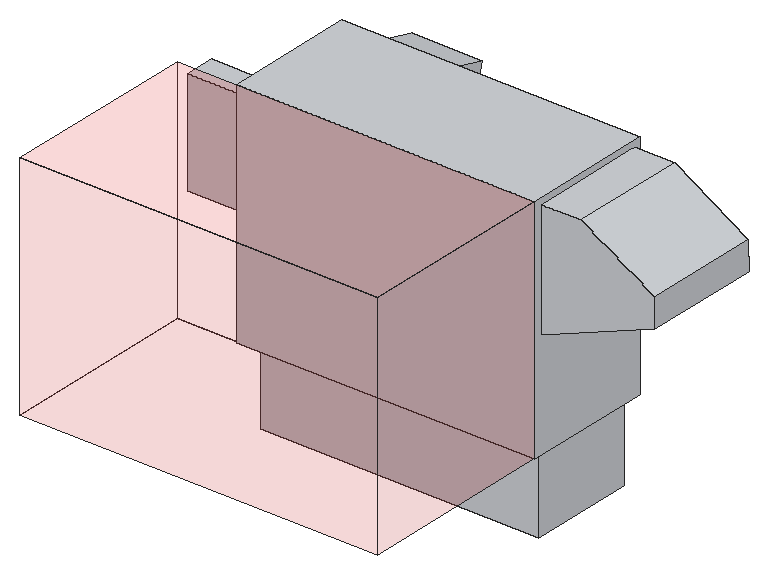
Revit family
Parameters (values of type "277 V Single Phase")
  Weight Scheduled [instance] = 250  # constant formula
  Voltage Workaround = Voltage / 1 V  # 277
  Voltage Scheduled = Voltage  # 277 V
  Voltage = 277 V
  VoltAmps Workaround [instance] = Voltage Workaround * Total FLA * sqrt(Phase)  # 2160.6
  VoltAmps [instance] = VoltAmps Workaround * 1 VA  # 2160.6 VA
  URL = "http://www.renewaire.com/_assets/files/SubmittalForms/HE1XRTSubmittal.pdf"
  Total FLA [instance] = if(or(Supply Motor BHP = 0, Exhaust Motor FLA = 0), 0, (Supply Motor FLA * Supply Motor Count) + (Exhaust Motor FLA * Exhaust Motor Count))  # 7.8
  Supply Motor RPM Scheduled [instance] = 0
  Supply Motor HP Scheduled [instance] = Supply Motor HP  # 0.75
  Supply Motor HP [instance] = 0.75  # constant formula
  Supply Motor FLA [instance] = if(Supply Motor BHP = 0, 0, if(and(Voltage = 115 V, Phase = 1), 9, if(and(or(Voltage = 208 V, Voltage = 230 V), Phase = 1), 4.5, if(and(Voltage = 277 V, Phase = 1), 3.9, if(and(or(Voltage = 208 V, Voltage = 230 V), Phase = 3), 2.3, if(and(Voltage = 460 V, Phase = 3), 1.15, 0))))))  # 3.9
  Supply Motor Count Scheduled [instance] = Supply Motor Count  # 1
  Supply Motor Count [instance] = 1  # constant formula
  Supply Motor BHP [instance] = if(and(or(Supply ESP = 0, Supply ESP > 0), Supply ESP < 0.5), if(and(Supply Motor HP = 0.75, Phase = 1), if(Supply CFM < 950 CFM, 2.185, 0), if(and(Supply Motor HP = 0.75, Phase = 3), if(Supply CFM < 950 CFM, 1.917, 0), 0)), if(and(or(Supply ESP = 0.5, Supply ESP > 0.5), Supply ESP < 1), if(and(Supply Motor HP = 0.75, Phase = 1), if(Supply CFM < 820 CFM, 1.978, 0), if(and(Supply Motor HP = 0.75, Phase = 3), if(Supply CFM < 820 CFM, 1.682, 0), 0)), if(and(or(Supply ESP = 1, Supply ESP > 1), Supply ESP < 1.25), if(and(Supply Motor HP = 0.75, Phase = 1), if(Supply CFM < 730 CFM, 1.857, 0), if(and(Supply Motor HP = 0.75, Phase = 3), if(Supply CFM < 730 CFM, 1.548, 0), 0)), if(and(or(Supply ESP = 1.25, Supply ESP > 1.25), Supply ESP < 1.45), if(and(Supply Motor HP = 0.75, Phase = 1), if(Supply CFM < 650 CFM, 1.743, 0), if(and(Supply Motor HP = 0.75, Phase = 3), if(Supply CFM < 650 CFM, 1.421, 0), 0)), if(and(or(Supply ESP = 1.45, Supply ESP > 1.45), Supply ESP < 1.75), if(and(Supply Motor HP = 0.75, Phase = 1), if(Supply CFM < 560 CFM, 1.636, 0), if(and(Supply Motor HP = 0.75, Phase = 3), if(Supply CFM < 560 CFM, 1.28, 0), 0)), if(Supply ESP = 1.75, if(and(Supply Motor HP = 0.75, Phase = 1), if(Supply CFM < 250 CFM, 1.448, 0), if(and(Supply Motor HP = 0.75, Phase = 3), if(Supply CFM < 250 CFM, 0.918, 0), 0)), 0))))))  # 2.185
  Supply ESP Scheduled [instance] = Supply ESP  # 0
  Supply ESP [instance] = 0
  Supply CFM Scheduled [instance] = Supply CFM  # 0 CFM
  Supply CFM [instance] = 0 CFM
  Supply Air Winter RH Scheduled [instance] = 0
  Supply Air Winter DB Scheduled [instance] = 0
  Supply Air Summer RH Scheduled [instance] = 0
  Supply Air Summer DB Scheduled [instance] = 0
  Phase Scheduled = Phase  # 1
  Phase = 1
  Outside Air Winter RH Scheduled [instance] = 0
  Outside Air Winter DB Scheduled [instance] = 0
  Outside Air Summer RH Scheduled [instance] = 0
  Outside Air Summer DB Scheduled [instance] = 0
  Number of Poles = 1
  Model = "HE1XRTV"
  Manufacturer = "RenewAire"
  MOCP Scheduled [instance] = MOCP  # 15
  MOCP [instance] = if(Total FLA = 0, 0, if(and(Voltage = 115 V, Phase = 1), 25, if(and(or(Voltage = 208 V, Voltage = 230 V), Phase = 1), 15, if(and(Voltage = 277 V, Phase = 1), 15, if(and(or(Voltage = 208 V, Voltage = 230 V), Phase = 3), 15, if(and(Voltage = 460 V, Phase = 3), 15, 0))))))  # 15
  MCA Scheduled [instance] = MCA  # 8.8
  MCA [instance] = if(Total FLA = 0, 0, if(and(Voltage = 115 V, Phase = 1), 20.3, if(and(or(Voltage = 208 V, Voltage = 230 V), Phase = 1), 10.1, if(and(Voltage = 277 V, Phase = 1), 8.8, if(and(or(Voltage = 208 V, Voltage = 230 V), Phase = 3), 5.2, if(and(Voltage = 460 V, Phase = 3), 2.6, 0))))))  # 8.8
  FLA Scheduled [instance] = Total FLA  # 7.8
  Exhaust RH Scheduled [instance] = 0
  Exhaust Motor RPM Scheduled [instance] = 0
  Exhaust Motor HP Scheduled [instance] = Exhaust Motor HP  # 0.75
  Exhaust Motor HP [instance] = 0.75  # constant formula
  Exhaust Motor FLA [instance] = if(Exhaust Motor BHP = 0, 0, if(and(Voltage = 115 V, Phase = 1), 9, if(and(or(Voltage = 208 V, Voltage = 230 V), Phase = 1), 4.5, if(and(Voltage = 277 V, Phase = 1), 3.9, if(and(or(Voltage = 208 V, Voltage = 230 V), Phase = 3), 2.3, if(and(Voltage = 460 V, Phase = 3), 1.15, 0))))))  # 3.9
  Exhaust Motor Count Scheduled [instance] = Exhaust Motor Count  # 1
  Exhaust Motor Count [instance] = 1  # constant formula
  Exhaust Motor BHP [instance] = if(and(or(Exhaust ESP = 0, Exhaust ESP > 0), Exhaust ESP < 0.5), if(and(Exhaust Motor HP = 0.75, Phase = 1), if(Exhaust CFM < 950 CFM, 2.185, 0), if(and(Exhaust Motor HP = 0.75, Phase = 3), if(Exhaust CFM < 950 CFM, 1.917, 0), 0)), if(and(or(Exhaust ESP = 0.5, Exhaust ESP > 0.5), Exhaust ESP < 1), if(and(Exhaust Motor HP = 0.75, Phase = 1), if(Exhaust CFM < 820 CFM, 1.978, 0), if(and(Exhaust Motor HP = 0.75, Phase = 3), if(Exhaust CFM < 820 CFM, 1.682, 0), 0)), if(and(or(Exhaust ESP = 1, Exhaust ESP > 1), Exhaust ESP < 1.25), if(and(Exhaust Motor HP = 0.75, Phase = 1), if(Exhaust CFM < 730 CFM, 1.857, 0), if(and(Exhaust Motor HP = 0.75, Phase = 3), if(Exhaust CFM < 730 CFM, 1.548, 0), 0)), if(and(or(Exhaust ESP = 1.25, Exhaust ESP > 1.25), Exhaust ESP < 1.45), if(and(Exhaust Motor HP = 0.75, Phase = 1), if(Exhaust CFM < 650 CFM, 1.743, 0), if(and(Exhaust Motor HP = 0.75, Phase = 3), if(Exhaust CFM < 650 CFM, 1.421, 0), 0)), if(and(or(Exhaust ESP = 1.45, Exhaust ESP > 1.45), Exhaust ESP < 1.75), if(and(Exhaust Motor HP = 0.75, Phase = 1), if(Exhaust CFM < 560 CFM, 1.636, 0), if(and(Exhaust Motor HP = 0.75, Phase = 3), if(Exhaust CFM < 560 CFM, 1.28, 0), 0)), if(Exhaust ESP = 1.75, if(and(Exhaust Motor HP = 0.75, Phase = 1), if(Exhaust CFM < 250 CFM, 1.448, 0), if(and(Exhaust Motor HP = 0.75, Phase = 3), if(Exhaust CFM < 250 CFM, 0.918, 0), 0)), 0))))))  # 2.185
  Exhaust ESP Scheduled [instance] = Exhaust ESP  # 0
  Exhaust ESP [instance] = 0
  Exhaust DB Scheduled [instance] = 0
  Exhaust CFM Scheduled [instance] = Exhaust CFM  # 0 CFM
  Exhaust CFM [instance] = 0 CFM
  Enthalpy Effect Winter Scheduled [instance] = 0
  Enthalpy Effect Summer Scheduled [instance] = 0
Types (8): name | Voltage Workaround | Voltage Scheduled | Voltage | VoltAmps Workaround | VoltAmps | Total FLA | Supply Motor FLA | Supply Motor BHP | Phase Scheduled | Phase | Number of Poles | MOCP Scheduled | MOCP | MCA Scheduled | MCA | FLA Scheduled | Exhaust Motor FLA | Exhaust Motor BHP
  (no name) | 277 | 277 V | 277 V | 2160.6 | 2160.6 VA | 7.8 | 3.9 | 2.185 | 1 | 1 | 1 | 15 | 15 | 8.8 | 8.8 | 7.8 | 3.9 | 2.185
  115 V Single Phase | 115 | 115 V | 115 V | 2070 | 2070 VA | 18 | 9 | 2.185 | 1 | 1 | 1 | 25 | 25 | 20.3 | 20.3 | 18 | 9 | 2.185
  208 V Single Phase | 208 | 208 V | 208 V | 1872 | 1872 VA | 9 | 4.5 | 2.185 | 1 | 1 | 2 | 15 | 15 | 10.1 | 10.1 | 9 | 4.5 | 2.185
  230 V Single Phase | 230 | 230 V | 230 V | 2070 | 2070 VA | 9 | 4.5 | 2.185 | 1 | 1 | 2 | 15 | 15 | 10.1 | 10.1 | 9 | 4.5 | 2.185
  277 V Single Phase | 277 | 277 V | 277 V | 2160.6 | 2160.6 VA | 7.8 | 3.9 | 2.185 | 1 | 1 | 1 | 15 | 15 | 8.8 | 8.8 | 7.8 | 3.9 | 2.185
  208 V Three Phase | 208 | 208 V | 208 V | 1657.2262 | 1657.23 VA | 4.6 | 2.3 | 1.917 | 3 | 3 | 3 | 15 | 15 | 5.2 | 5.2 | 4.6 | 2.3 | 1.917
  230 V Three Phase | 230 | 230 V | 230 V | 1832.5098 | 1832.51 VA | 4.6 | 2.3 | 1.917 | 3 | 3 | 3 | 15 | 15 | 5.2 | 5.2 | 4.6 | 2.3 | 1.917
  460 V Three Phase | 460 | 460 V | 460 V | 1832.5098 | 1832.51 VA | 2.3 | 1.15 | 1.917 | 3 | 3 | 3 | 15 | 15 | 2.6 | 2.6 | 2.3 | 1.15 | 1.917
Reference planes (in)
  plane 1 "Center (Front/Back)": y = 0
  plane 2: z = 0
  plane 3 "Center (Left/Right)": x = 0
Forms (in)
  Extrusion 1, solid
    sketch origin (0, 0, 0) x (1, 0, 0) y (0, 1, 0)
      loop
        line (-25.5, 11.25) -> (-25.5, -11.25) -> (25.5, -11.25) -> (25.5, 11.25) -> (-25.5, 11.25)
    from 14 to 53.5
  Extrusion 2, solid
    sketch origin (0, 0, 14) x (1, 0, 0) y (0, 0, 1)
      loop
        line (25.5, 38.5) -> (25.5, 18.5) -> (45, 26.20577) -> (45, 31.20577) -> (32.36603, 38.5) -> (25.5, 38.5)
    from 10 to -10
  Extrusion 3, solid
    sketch origin (0, 0, 14) x (0, 1, 0) y (0, 0, 1)
      loop
        line (11.25, 37.64353) -> (11.25, 28.32605) -> (17.92063, 26.53866) -> (20.25, 35.23199) -> (11.25, 37.64353)
    from -8.75 to -20.75
  Extrusion 4, solid
    sketch origin (0, 0, 0) x (1, 0, 0) y (0, 1, 0)
      loop
        line (-35.625, -11.25) -> (-35.625, -44.875) -> (25.5, -44.875) -> (25.5, -11.25) -> (-35.625, -11.25)
    from 14 to 53.5
  Extrusion 5, solid
    sketch origin (0, 0, 0) x (1, 0, 0) y (0, 1, 0)
      loop
        line (-23.75, 10) -> (-23.75, -8.25) -> (23.75, -8.25) -> (23.75, 10) -> (-23.75, 10)
    from 0 to 14
  Extrusion 6, solid
    sketch origin (-25.5, 6.20536, 14) x (0, 1, 0) y (0, 0, -1)
      loop
        line (-15.20536, -36.64353) -> (-10.20536, -36.64353) -> (-10.20536, -18.64353) -> (-15.20536, -18.64353) -> (-15.20536, -36.64353)
    from 10.125 to 0
Cuts and joins
  joined: Extrusion 1, Extrusion 2, Extrusion 3, Extrusion 5
Lines and regions (in)
  Split face 1
    outline origin (0, 0, 0) x (1, 0, 0) y (0, 1, 0)
      loop
        line (-20.75, 6.875) -> (-20.75, -5.125) -> (-8.75, -5.125) -> (-8.75, 6.875) -> (-20.75, 6.875)
  Split face 2
    outline origin (0, 0, 0) x (0, 1, 0) y (-1, 0, 0)
      loop
        line (6.875, -20.75) -> (6.875, -8.75) -> (-5.125, -8.75) -> (-5.125, -20.75) -> (6.875, -20.75)
Dimensions and locks (in)
  equal spacing: Extrusion 1 sketch curve, plane 1 "Center (Front/Back)", Extrusion 1 sketch curve
  equal spacing: Extrusion 1 sketch curve, plane 3 "Center (Left/Right)", Extrusion 1 sketch curve
  Extrusion 1 sketch curve to plane 3 "Center (Left/Right)" = 2' - 1 1/2"
  plane 1 "Center (Front/Back)" to Extrusion 1 sketch curve = 0' - 11 1/4"
  cut or joined group of Extrusion 1, Extrusion 2, Extrusion 3, Extrusion 5 to Extrusion 4 sketch curve = 4' - 8 1/8"
  plane 3 "Center (Left/Right)" to Extrusion 5 sketch curve = 1' - 11 3/4"
  Extrusion 5 sketch curve to plane 1 "Center (Front/Back)" to Extrusion 5 sketch curve = 0' - 8 1/4", 0' - 10"
  plane 1 "Center (Front/Back)" to Extrusion 5 sketch curve = 0' - 10"
  Extrusion 4 sketch curve to Extrusion 4 sketch curve = 5' - 1 1/8"
Connectors (in)
  hvac at (-14.75, 0.875, 0), driven by "Supply CFM"
    settings: on Extrusion 5, index 1, duct flow 0 CFM, flow factor 0, pres drop 0.00 in-wg, loss coef 0, conn angle 0.00°, conn width 12", conn height 12", conn radius 12", duct sys type 1, conn prof type 1, flow config 0, flow direction 2, loss method 0, conn ref index -1, conn util no, is conn primary yes, conn desc ""
  hvac at (14.75, 0.875, 0), driven by "Exhaust CFM"
    settings: on Extrusion 5, index 2, duct flow 0 CFM, flow factor 0, pres drop 0.00 in-wg, loss coef 0, conn angle 0.00°, conn width 12", conn height 12", conn radius 12", duct sys type 3, conn prof type 1, flow config 0, flow direction 1, loss method 0, conn ref index -1, conn util no, is conn primary no, conn desc ""
  electrical at (-35.625, -6.5, 41.64353), driven by "VoltAmps", driven by "Voltage Scheduled", driven by "Number of Poles"
    settings: on Extrusion 6, index 3, voltage 277 V, apparent load 2160.6 VA, apparent load phase1 0 VA, apparent load phase2 0 VA, apparent load phase3 0 VA, power factor 1, load classification "HVAC", number of poles 1, system type 30, power factor state 1, is connector primary yes, connector utility no, sub classification motor no, connector description ""
